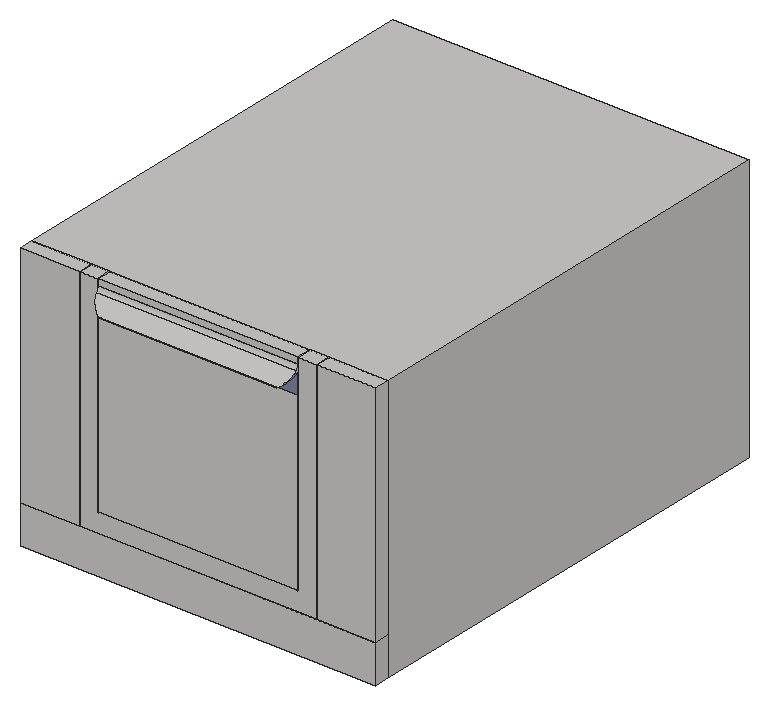
Revit family "QF_ELECTROLUXPROFESSIONAL_588646_MB1PCAFOOO", category Attrezzature speciali, Revit 2020
Family settings
  Quota connettore circolare = Usa diametro
  Tipo di parte = Normale
  Basato su piano di lavoro = No
  Sempre verticale = Sì
  Taglio con vuoti quando caricato = No
  Condiviso = No
  Punto di calcolo locali = No
Parameters (values of type "Standard")
  Weight = 23.00 kg
  Watts = 0 W
  Volts = 0 V
  URL Manufacturer = "https://www.electroluxprofessional.com/"
  URL = "https://www.electroluxprofessional.com/"
  Steam Supply Size = 0"
  Steam Supply Minimum Pressure = 0.00 psi
  Steam Supply Maximum Pressure = 0.00 psi
  Steam Consumption per Hour = 0
  Refrigeration Suction Line Size = 0 mm
  Refrigeration Liquid Line Size = 0 mm
  Refrigerant Compressor Remote = yes
  Prospetto di default = 0 mm
  Phase = 0
  Modello = "MB1PCAFOOO"
  Produttore = "Electrolux Professional"
  Length Actual = 600 mm  # constant formula
  Item Number = "588646"
  Hot Water Size = 0"
  Height Actual = 450 mm  # constant formula
  HP = "0 HP"
  Gas Size = 0"
  Gas KW = 0
  Gas Input Pressure = 0.0 Btu/h
  Direct Waste Size = 0"
  Descrizione = "CUPBOARD BASE,GN,1 DOOR,1-S,600X850X450H"
  Depth Actual = 850 mm  # constant formula
  Cycle = 0 Hz
  Condensate Return Size = 0"
  Compressed Air Volume = 0 GPM
  Compressed Air Size = 0"
  Compressed Air Pressure = 0.00 psi
  Cold Water Size = 0"
  Accessory = yes
Reference planes
  plane 1 "BACK": y = 0
  plane 2: z = 0
  plane 3 "LEFT": x = 0
  plane 4 "RIGHT": x = 600
  plane 5 "FRONT": y = -850
  plane 6 "PLAIN": z = 900
  plane 7 "Center (Left/Right)": x = 300
  plane 8 "Center (Front/Back)": y = -425
  plane 9 "TOP": z = 650
  plane 10 "BASE": z = 200
  plane 11: x = 522
  plane 12: x = 78
  plane 13 "Feet_back": y = -150
  plane 14 "Feet_Front": y = -720
  plane 15: x = 100
  plane 16: x = 500
  plane 17: z = 265
  plane 18: y = -45
  plane 19: y = -805
  plane 20: y = -70
  plane 21: y = -830
  plane 22 "ButtonZ": z = 590
Forms (mm)
  Extrusion 1, solid, material "QF_Finishes_Stainless Steel"
    sketch origin (0, 0, 650) x (0, 1, 0) y (0, 0, 1)
      loop
        line (-45, -450) -> (-45, 0) -> (-805, 0) -> (-805, -450) -> (-45, -450)
    from 0 to 600
  Extrusion 2, solid, material "QF_Finishes_Stainless Steel"
    sketch origin (0, 0, 650) x (0, 1, 0) y (0, 0, 1)
      loop
        line (-830, -450) -> (-805, -450) -> (-805, -385) -> (-830, -385) -> (-830, -450)
    from 0 to 600
  Extrusion 3, void
    sketch origin (0, -850, 0) x (1, 0, 0) y (0, 0, 1)
      loop
        line (100, 650) -> (100, 265) -> (500, 265) -> (500, 650) -> (100, 650)
    from 0 to -780
  Extrusion 4, solid, material "QF_Finishes_Stainless Steel"
    sketch origin (0, -850, 0) x (1, 0, 0) y (0, 0, 1)
      loop
        line (130, 650) -> (130, 627) -> (470, 627) -> (470, 650) -> (130, 650)
    from -45 to -805
  Extrusion 5, solid, material "QF_Finishes_Stainless Steel"
    sketch origin (0, -850, 0) x (1, 0, 0) y (0, 0, 1)
      loop
        line (100, 650) -> (100, 265) -> (500, 265) -> (500, 650) -> (470, 650) -> (470, 295) -> (130, 295) -> (130, 650) -> (100, 650)
    from -45 to -780
  Extrusion 6, solid, material "QF_Finishes_Stainless Steel"
    sketch origin (0, -850, 0) x (1, 0, 0) y (0, 0, 1)
      loop
        line (0, 650) -> (0, 265) -> (100, 265) -> (100, 650) -> (0, 650)
    from -20 to -45
  Extrusion 7, solid, material "QF_Finishes_Stainless Steel"
    sketch origin (0, -850, 0) x (1, 0, 0) y (0, 0, 1)
      loop
        line (500, 650) -> (500, 265) -> (600, 265) -> (600, 650) -> (500, 650)
    from -20 to -45
  Extrusion 8, solid, material "QF_Finishes_Stainless Steel"
    sketch origin (85, -850, 0) x (1, 0, 0) y (0, 0, 1)
      loop
        line (15, 650) -> (15, 265) -> (415, 265) -> (415, 650) -> (385, 650) -> (385, 297) -> (45, 297) -> (45, 650) -> (15, 650)
    from -20 to -45
Cuts and joins
  Extrusion 3 cuts Extrusion 1
  joined: Extrusion 1, Extrusion 4, Extrusion 5
Lines and regions (mm)
  symbolic lines, style "SpecialityEquipmentHiddenLines"
    curve 1: line (0, 0, 0) -> (600, 0, 0)
    curve 2: line (0, -850, 0) -> (0, 0, 0)
    curve 3: line (600, -850, 0) -> (0, -850, 0)
    curve 4: line (600, 0, 0) -> (600, -850, 0)
Dimensions and locks
  plane 3 "LEFT" to plane 4 "RIGHT" = 600 mm
  plane 5 "FRONT" to plane 1 "BACK" = 850 mm
  equal spacing: plane 3 "LEFT", plane 7 "Center (Left/Right)", plane 4 "RIGHT"
  equal spacing: plane 5 "FRONT", plane 8 "Center (Front/Back)", plane 1 "BACK"
  plane 6 "PLAIN" to plane 9 "TOP" = 250 mm
  plane 10 "BASE" to level = 200 mm
  plane 9 "TOP" to plane 10 "BASE" = 450 mm
  locked: plane 1 "BACK" to plane 13 "Feet_back" at 150
  locked: plane 14 "Feet_Front" to plane 5 "FRONT" at 130
  locked: plane 12 to plane 3 "LEFT" at 78
  locked: plane 11 to plane 4 "RIGHT" at 78
  plane 16 to plane 15 = 400 mm
  equal spacing: plane 16, plane 7 "Center (Left/Right)", plane 15
  locked: plane 17 to plane 10 "BASE" at 65
  locked: plane 1 "BACK" to plane 18 at 45
  plane 9 "TOP" to Extrusion 4 sketch curve = 23 mm
  locked: Extrusion 4 sketch curve to plane 15 at 30
  locked: plane 16 to Extrusion 4 sketch curve at 30
  locked: Extrusion 5 sketch curve to plane 17 at 30
  plane 6 "PLAIN" to level = 900 mm
  Extrusion 5 to Extrusion 5 = 340 mm
  locked: plane 18 to plane 20 at 25
  locked: plane 21 to plane 5 "FRONT" at 20
  locked: plane 19 to plane 21 at 25
  plane 18 to plane 21 = 785 mm
  plane 22 "ButtonZ" to level = 590 mm
  aligned and locked: level to plane 2
  aligned and locked: Extrusion 1 to plane 4 "RIGHT"
  aligned and locked: Extrusion 1 to plane 3 "LEFT"
  aligned and locked: Extrusion 2 to plane 4 "RIGHT"
  aligned and locked: plane 9 "TOP" to Extrusion 3 sketch curve
  aligned and locked: Extrusion 3 sketch curve to plane 15
  aligned and locked: plane 16 to Extrusion 3 sketch curve
  aligned and locked: Extrusion 2 to plane 10 "BASE"
  aligned and locked: Extrusion 2 to plane 17
  aligned and locked: plane 17 to Extrusion 3 sketch curve
  aligned and locked: Extrusion 4 to plane 18
  aligned and locked: Extrusion 5 sketch curve to plane 15
  aligned and locked: plane 16 to Extrusion 5 sketch curve
  aligned and locked: plane 9 "TOP" to Extrusion 5 sketch curve  (x2)
  aligned and locked: plane 17 to Extrusion 5 sketch curve
  aligned and locked: Extrusion 5 sketch curve to Extrusion 4  (x2)
  aligned and locked: Extrusion 6 sketch curve to plane 9 "TOP"
  aligned and locked: plane 3 "LEFT" to Extrusion 6 sketch curve
  aligned and locked: Extrusion 6 sketch curve to plane 17
  aligned and locked: Extrusion 6 sketch curve to plane 15
  aligned and locked: Extrusion 7 sketch curve to plane 9 "TOP"
  aligned and locked: plane 16 to Extrusion 7 sketch curve
  aligned and locked: Extrusion 7 sketch curve to plane 17
  aligned and locked: plane 4 "RIGHT" to Extrusion 7 sketch curve
  aligned and locked: cut or joined group of Extrusion 1, Extrusion 3, Extrusion 4, Extrusion 5 to Extrusion 4
  aligned and locked: plane 7 "Center (Left/Right)" to nested 1
  aligned and locked: Extrusion 5 to plane 20
  aligned and locked: cut or joined group of Extrusion 1, Extrusion 3, Extrusion 4, Extrusion 5 to plane 20
  aligned and locked: cut or joined group of Extrusion 1, Extrusion 3, Extrusion 4, Extrusion 5 to plane 18
  aligned and locked: plane 19 to Extrusion 4
  aligned and locked: Extrusion 6 to plane 19
  aligned and locked: plane 21 to Extrusion 6
  aligned and locked: plane 21 to Extrusion 7
  aligned and locked: Extrusion 7 to plane 19
  aligned and locked: Extrusion 2 to plane 19
  aligned and locked: plane 21 to Extrusion 2
  aligned and locked: plane 19 to cut or joined group of Extrusion 1, Extrusion 3, Extrusion 4, Extrusion 5
  aligned and locked: Extrusion 8 sketch curve to plane 16
  aligned and locked: plane 15 to Extrusion 8 sketch curve
  aligned and locked: Extrusion 8 sketch curve to plane 17
Automatic sketch dimensions
  curve 3 to plane 3 "LEFT" = 0 mm
  curve 3 to plane 4 "RIGHT" = 0 mm
  plane 5 "FRONT" to curve 3 = 0 mm
  plane 1 "BACK" to curve 2 = 0 mm
  Extrusion 1 sketch curve to plane 10 "BASE" = 0 mm
  Extrusion 1 sketch curve to plane 19 = 0 mm
  Extrusion 1 sketch curve to plane 18 = 0 mm
  Extrusion 1 sketch curve to plane 9 "TOP" = 0 mm
  plane 17 to Extrusion 2 sketch curve = 0 mm
  Extrusion 2 sketch curve to plane 21 = 0 mm
  Extrusion 2 sketch curve to plane 10 "BASE" = 0 mm
  Extrusion 2 sketch curve to plane 19 = 0 mm
  Extrusion 4 sketch curve to plane 9 "TOP" = 0 mm
  Extrusion 8 sketch curve to plane 9 "TOP" = 0 mm  (x2)
  plane 15 to Extrusion 8 sketch curve = 30 mm
  Extrusion 8 sketch curve to plane 16 = 30 mm
  Extrusion 8 sketch curve to plane 17 = 32 mm
Nested families
  nested 1: "H450_1DOOR" at (263.958, -805, 200) x (1, 0, 0) z (0, -1, 0), type "H450_1DOOR"
    with Width 340 mm, Show Clearance yes
Definition of nested family "H450_1DOOR"
  Parameters
    Width [instance] = 340 mm
    Show Clearance [instance] = yes
    Model = "727995"
    Height = 450 mm
    Default Elevation = 0 mm
  Reference planes
    plane 1 "Center (Front/Back)": y = 0
    plane 2: z = 0
    plane 3 "Center (Left/Right)": x = 36.042
    plane 4 "panel": z = 25
    plane 5: x = -133.958
    plane 6: x = 206.042
    plane 7: y = 450
    plane 8: z = 340
    plane 9: z = 45
    plane 10: x = -108.958
  Forms (mm)
    Extrusion 1, solid
      sketch origin (0, -919.2, 0) x (1, 0, 0) y (0, 1, 0)
        loop
          line (-980.5, 2119.2) -> (-980.5, -162.846) -> (881.94, -162.846) -> (881.94, 2119.2) -> (-980.5, 2119.2)
      from 0 to -59.546
    Extrusion 2, solid
      sketch origin (0, 0, 0) x (1, 0, 0) y (0, 1, 0)
        loop
          line (-131.958, 97) -> (204.042, 97) -> (204.042, 393) -> (-131.958, 393) -> (-131.958, 97)
      from 0 to 25
    Extrusion 3, solid
      sketch origin (0, 0, 0) x (1, 0, 0) y (0, 1, 0)
        loop
          line (-131.958, 393) -> (204.042, 393) -> (204.042, 440) -> (-131.958, 440) -> (-131.958, 393)
      from 0 to 25
    Extrusion 4, solid
      sketch origin (36.042, 0, 0) x (0, 1, 0) y (0, 0, 1)
        loop
          line (426.693, 25) -> (440.02, 25)
          arc (440.02, 25) -> (435.261, 25.775) -> (430.993, 28.02) r 15
          line (430.993, 28.02) -> (406.653, 46.362) -> (403.644, 42.369) -> (426.693, 25)
      from -168 to 168
    Extrusion 5, void
      sketch origin (72.084, 0, 0) x (-1, 0, 0) y (0, -1, 0)
        loop
          line (204.042, -426.693) -> (204.042, -403.644) -> (180.317, -403.644)
          arc (180.317, -403.644) -> (194.508, -412.772) -> (204.042, -426.693) r 42.603
      from 25 to 47.9
    Extrusion 6, solid
      sketch origin (0, 0, 0) x (1, 0, 0) y (0, 1, 0)
        loop
          line (-131.958, 440) -> (204.042, 440) -> (204.042, 450) -> (-131.958, 450) -> (-131.958, 440)
      from 0 to 25
    Extrusion 7, void
      sketch origin (0, 0, 0) x (1, 0, 0) y (0, 1, 0)
        loop
          arc (204.042, 426.693) -> (194.508, 412.772) -> (180.317, 403.644) r 42.603
          line (180.317, 403.644) -> (204.042, 403.644) -> (204.042, 426.693)
      from 25 to 47.9
    Extrusion 8, solid, detail levels coarse
      sketch origin (0, 0, 0) x (1, 0, 0) y (0, 0, 1)
        loop
          line (-133.958, 340) -> (-133.958, 25) -> (206.042, 25)
          arc (206.042, 25) -> (107.107, 241.065) -> (-108.958, 340) r 340.918
          line (-108.958, 340) -> (-133.958, 340)
      from -450 to -97
  Cuts and joins
    Extrusion 5, Extrusion 7 cuts Extrusion 4
    Extrusion 7 cuts Extrusion 3
  Lines and regions (mm)
    symbolic lines
      curve 1: line (-133.958, 0, 340) -> (-133.958, 0, 45)
      curve 2: arc (203.986, 0, 44.931) -> (99.919, 0, 248.045) -> (-108.958, 0, 340) r 340.918
      curve 3: line (-108.958, 0, 45) -> (-108.958, 0, 340)
      curve 4: line (-108.958, 0, 340) -> (-133.958, 0, 340)
  Dimensions and locks
    plane 4 "panel" to level = 25 mm
    "Width": plane 5 to plane 6
    equal spacing: plane 5, plane 3 "Center (Left/Right)", plane 6
    "Height": plane 1 "Center (Front/Back)" to plane 7
    locked: plane 5 to Extrusion 2 sketch curve at 2
    locked: plane 1 "Center (Front/Back)" to Extrusion 2 sketch curve at 97
    locked: plane 7 to Extrusion 2 sketch curve at 57
    Extrusion 3 sketch curve to Extrusion 2 = 47 mm
    locked: Extrusion 2 sketch curve to plane 6 at 2
    "Width": Extrusion 1 to plane 8
    locked: plane 10 to plane 5 at 25
    aligned and locked: plane 2 to Extrusion 1
    aligned and locked: level to Extrusion 1
    aligned and locked: plane 4 "panel" to Extrusion 2
    aligned and locked: plane 4 "panel" to Extrusion 3
    aligned and locked: Extrusion 4 to Extrusion 3
    aligned and locked: Extrusion 3 to Extrusion 4
    aligned and locked: Extrusion 3 to Extrusion 2
    aligned and locked: cut or joined group of Extrusion 4, Extrusion 5, Extrusion 7 to plane 4 "panel"
    aligned and locked: plane 7 to Extrusion 6 sketch curve
    aligned and locked: plane 4 "panel" to Extrusion 6
    aligned and locked: Extrusion 2 to Extrusion 6
    aligned and locked: Extrusion 7 sketch curve to Extrusion 2
    aligned and locked: Extrusion 2 to cut or joined group of Extrusion 4, Extrusion 5, Extrusion 7
    aligned and locked: plane 5 to Extrusion 8 sketch curve
    aligned and locked: plane 4 "panel" to Extrusion 8 sketch curve
    aligned and locked: plane 7 to Extrusion 8
    aligned and locked: Extrusion 2 to Extrusion 8
  Automatic sketch dimensions
    Extrusion 1 sketch curve to Extrusion 1 sketch curve = 1862.44 mm
    Extrusion 1 sketch curve to Extrusion 1 sketch curve = 2282.046 mm
    plane 5 to Extrusion 3 sketch curve = 2 mm
    Extrusion 3 sketch curve to plane 6 = 2 mm
    Extrusion 3 sketch curve to Extrusion 3 sketch curve = 47 mm
    Extrusion 4 sketch curve to plane 4 "panel" = 0 mm
    plane 4 "panel" to Extrusion 4 sketch curve = 17.369 mm
    Extrusion 4 sketch curve to plane 7 = 46.356 mm
    plane 4 "panel" to Extrusion 4 sketch curve = 21.362 mm
    Extrusion 4 sketch curve to Extrusion 4 sketch curve = 3.009 mm
    plane 4 "panel" to Extrusion 4 sketch curve = 3.02 mm
    Extrusion 4 sketch curve to Extrusion 4 sketch curve = 9.027 mm
    plane 7 to Extrusion 5 sketch curve = 6.671 mm
    Extrusion 5 sketch curve to plane 5 = 41.221 mm
    Extrusion 5 sketch curve to plane 5 = 25.725 mm
    Extrusion 5 sketch curve to plane 5 = 2 mm
    plane 7 to Extrusion 5 sketch curve = 23.307 mm
    plane 5 to Extrusion 6 sketch curve = 2 mm
    Extrusion 6 sketch curve to plane 6 = 2 mm
    Extrusion 6 sketch curve to plane 7 = 10 mm
    Extrusion 7 sketch curve to Extrusion 7 sketch curve = 23.725 mm
    Extrusion 7 sketch curve to plane 7 = 6.671 mm
    Extrusion 7 sketch curve to plane 6 = 41.221 mm
    Extrusion 7 sketch curve to plane 7 = 23.307 mm
    curve 4 to plane 5 = 0 mm
    curve 3 to plane 8 = 0 mm
    plane 10 to curve 4 = 0 mm
    curve 2 to level = 0 mm
    curve 1 to plane 9 = 0 mm
    curve 3 to plane 9 = 0 mm
    curve 2 to plane 9 = 0.069 mm
    curve 2 to plane 5 = 0 mm
    Extrusion 8 sketch curve to level = 0 mm
    Extrusion 8 sketch curve to plane 5 = 0 mm
    Extrusion 8 sketch curve to plane 8 = 0 mm
    Extrusion 8 sketch curve to plane 6 = 0 mm
